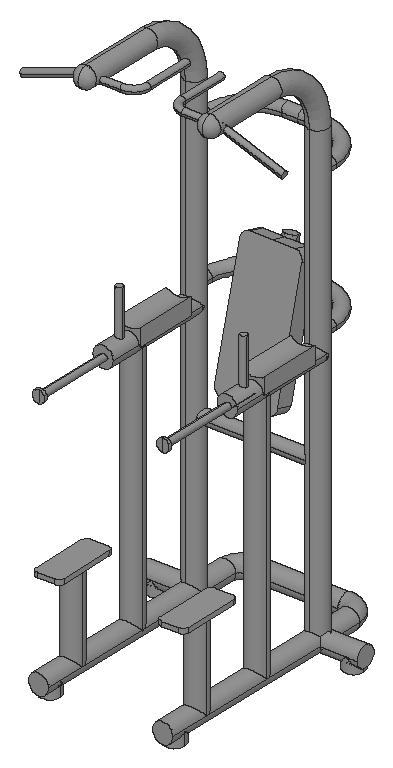
Revit family "Скамья для подтягиваний, отжиманий и подъема ног", category Оборудование, Revit 2017
Family settings
  Размер круглого соединителя = Использовать диаметр
  Тип детали = Нормальный
  На основе рабочей плоскости = Нет
  Всегда вертикально = Да
  При загрузке вырезать с полостями = Нет
  Общий = Нет
  Точка расчета площади = Нет
Parameters (values of type "1178х1160х2423")
  Ширина = 1178.0 mm
  Примечание = ""
  Позиция = ""
  Обозначение = "PA12"
  Наименование = "Скамья для подтягиваний, отжиманий и подъема ног"
  Масса = "125"
  Код оборудования = ""
  Keynote = ""
  Изготовитель = "Severin"
  Завод = "Technogym"
  Единицы = "шт."
  Группа модели = "ТХ"
  Глубина = 1160.0 mm
  Высота = 2423.0 mm
Reference planes
  plane 1 "По центру (Вперед/Назад)": y = 0
  plane 2: z = 0
  plane 3 "По центру (Влево/Вправо)": x = 0
  plane 4: x = -589
  plane 5: x = 589
  plane 6: y = 580
  plane 7: y = -580
  plane 8: z = 2423
  plane 9: z = 1211.5
Forms (mm)
  Extrusion 1, solid, material "GKS_Mep_Сталь_3262-75", detail levels medium+fine
    sketch origin (59.897, 270.381, 0) x (1, 0, 0) y (0, 1, 0)
      loop
        circle (-337.022, -660) r 45
    from 65 to 460
  Extrusion 2, solid, material "GKS_Mep_Сталь_3262-75", detail levels medium+fine
    sketch origin (-59.897, 270.381, 0) x (-1, 0, 0) y (0, -1, 0)
      loop
        circle (-337.022, 660) r 45
    from 65 to 460
  Sweep 3, solid, material "GKS_Mep_Сталь_3262-75"
    path origin (59.897, 0, 0) x (1, 0, 0) y (0, 1, 0)
      loop
        line (-382.022, -580) -> (-382.022, 460)
        arc (-382.022, 460) -> (-346.875, 544.853) -> (-262.022, 580) r 120
        line (-262.022, 580) -> (142.229, 580)
        arc (142.229, 580) -> (227.081, 544.853) -> (262.229, 460) r 120
        line (262.229, 460) -> (262.229, -580)
    profile origin (-322.125, -60, 0) x (-1, 0, 0) y (0, 0, 1)
      loop
        circle (-45, 65) r 45
  Sweep 4, solid, material "GKS_Mep_Сталь_3262-75"
    path origin (59.897, -15, 65) x (0, 1, 0) y (0, 0, 1)
      loop
        line (300, 0) -> (300, 2053)
        arc (300, 2053) -> (223.848, 2236.848) -> (40, 2313) r 260
        line (40, 2313) -> (-300, 2313)
    profile origin (59.897, 285, 1091.5) x (0, -1, 0) y (1, 0, 0)
      loop
        circle (0, -337.022) r 45
      loop
        circle (0, 217.229) r 45
  Extrusion 5, solid, material "GKS_Mep_Сталь_3262-75", detail levels medium+fine
    sketch origin (59.897, 605, 0) x (1, 0, 0) y (0, 1, 0)
      loop
        circle (-337.022, -660) r 45
    from 65 to 1214.5
  Extrusion 6, solid, material "GKS_Mep_Сталь_3262-75", detail levels medium+fine
    sketch origin (-59.897, 605, 0) x (-1, 0, 0) y (0, -1, 0)
      loop
        circle (-337.022, 660) r 45
    from 65 to 1214.5
  Extrusion 7, solid, material "GKS_Mep_Сталь_3262-75", detail levels medium+fine
    sketch origin (59.897, -15, 0) x (1, 0, 0) y (0, 0, 1)
      loop
        circle (-337.022, 1214.5) r 45
      loop
        circle (217.229, 1214.5) r 45
    from -300 to 204.619
  Sweep 8, solid, material "GKS_Mep_Сталь_3262-75"
    path origin (59.897, -15, 0) x (1, 0, 0) y (0, 1, 0)
      loop
        line (-337.022, 300) -> (-337.022, 363.324)
        arc (-337.022, 363.324) -> (-277.821, 506.248) -> (-134.897, 565.449) r 202.125
        line (-134.897, 565.449) -> (-59.897, 565.449) -> (15.103, 565.449)
        arc (15.103, 565.449) -> (158.027, 506.248) -> (217.229, 363.324) r 202.125
        line (217.229, 363.324) -> (217.229, 300)
    profile origin (-277.125, 316.662, 0) x (-1, 0, 0) y (0, 0, 1)
      loop
        circle (0, 1938.787) r 30
  Sweep 9, solid, material "GKS_Mep_Сталь_3262-75"
    path origin (-2506.125, 15, 2030.978) x (1, 0, 0) y (0, 1, 0)
      loop
        line (2229, -300) -> (2369, -300)
        arc (2369, -300) -> (2411.426, -282.426) -> (2429, -240) r 60
        line (2429, -240) -> (2429, -20)
    profile origin (-207.125, -285, 2030.978) x (0, 1, 0) y (0, 0, 1)
      loop
        circle (0, 337.022) r 15
  Extrusion 10, solid, material "GKS_Mep_Сталь_3262-75"
    sketch origin (762.52, 15, 377.709) x (0, 1, 0) y (-0.323341, 0, 0.946283)
      loop
        circle (-300, 2229) r 15
    from -660.528 to -337.022
  Revolve 11, solid, material "GKS_Mep_Сталь_3262-75"
    sketch origin (277.125, -15, 149) x (0, 1, 0) y (0, 0, 1)
      loop
        arc (-300, 2274) -> (-331.82, 2260.82) -> (-345, 2229) r 45
        line (-345, 2229) -> (-300, 2229) -> (-300, 2274)
      axis (-300, 2229) -> (-345, 2229)
    angle from 0 to 360
  Revolve 12, solid, material "GKS_Mep_Сталь_3262-75"
    sketch origin (-277.125, -15, 149) x (0, 1, 0) y (0, 0, 1)
      loop
        arc (-300, 2274) -> (-331.82, 2260.82) -> (-345, 2229) r 45
        line (-345, 2229) -> (-300, 2229) -> (-300, 2274)
      axis (-300, 2229) -> (-345, 2229)
    angle from 0 to 360
  Extrusion 13, solid, material "GKS_Mep_Сталь_3262-75"
    sketch origin (-762.52, 15, 377.709) x (0, 1, 0) y (-0.323341, 0, -0.946283)
      loop
        circle (-300, -2229) r 15
    from -660.528 to -337.022
  Sweep 14, solid, material "GKS_Mep_Сталь_3262-75"
    path origin (2506.125, 15, 2030.978) x (1, 0, 0) y (0, 1, 0)
      loop
        line (-2229, -300) -> (-2369, -300)
        arc (-2369, -300) -> (-2411.426, -282.426) -> (-2429, -240) r 60
        line (-2429, -240) -> (-2429, -20)
    profile origin (207.125, -285, 2030.978) x (0, -1, 0) y (0, 0, 1)
      loop
        circle (0, 337.022) r 15
  Extrusion 15, solid, material "GKS_Mep_Сталь_3262-75"
    sketch origin (0, 0, 0) x (0, 1, 0) y (0, 0, 1)
      loop
        circle (285, 65) r 45
    from -488.603 to -277.125
  Extrusion 16, solid, material "GKS_Mep_Сталь_3262-75"
    sketch origin (0, 0, 0) x (0, 1, 0) y (0, 0, -1)
      loop
        circle (285, -65) r 45
    from -488.603 to -277.125
  Extrusion 17, solid, material "GKS_Mep_Сталь_3262-75", detail levels medium+fine
    sketch origin (773.125, 945, 0) x (1, 0, 0) y (0, 1, 0)
      loop
        circle (-337.022, -660) r 45
    from 0 to 65
  Extrusion 18, solid, material "GKS_Mep_Сталь_3262-75", detail levels medium+fine
    sketch origin (-773.125, 945, 0) x (-1, 0, 0) y (0, -1, 0)
      loop
        circle (-337.022, 660) r 45
    from 0 to 65
  Extrusion 19, solid, material "GKS_Mep_Сталь_3262-75", detail levels medium+fine
    sketch origin (-614.147, 145, 0) x (-1, 0, 0) y (0, -1, 0)
      loop
        circle (-337.022, 660) r 45
    from 0 to 65
  Extrusion 20, solid, material "GKS_Mep_Сталь_3262-75", detail levels medium+fine
    sketch origin (614.147, 145, 0) x (1, 0, 0) y (0, 1, 0)
      loop
        circle (-337.022, -660) r 45
    from 0 to 65
  Extrusion 21, solid, material "GKS_Mep_Сталь_3262-75"
    sketch origin (310.103, 190.812, 265.043) x (1, 0, 0) y (0, 1, 0)
      loop
        arc (-624.729, -430.43) -> (-642.406, -437.753) -> (-649.729, -455.43) r 25
        line (-649.729, -455.43) -> (-649.729, -705.43)
        arc (-649.729, -705.43) -> (-642.406, -723.108) -> (-624.729, -730.43) r 25
        line (-624.729, -730.43) -> (-549.729, -730.43)
        arc (-549.729, -730.43) -> (-532.051, -723.108) -> (-524.729, -705.43) r 25
        line (-524.729, -705.43) -> (-524.729, -455.43)
        arc (-524.729, -455.43) -> (-532.051, -437.753) -> (-549.729, -430.43) r 25
        line (-549.729, -430.43) -> (-624.729, -430.43)
    from 215 to 194.957
  Extrusion 22, solid, material "GKS_Mep_Сталь_3262-75"
    sketch origin (-310.103, 190.812, 265.043) x (-1, 0, 0) y (0, -1, 0)
      loop
        line (-624.729, 430.43) -> (-549.729, 430.43)
        arc (-549.729, 430.43) -> (-532.051, 437.753) -> (-524.729, 455.43) r 25
        line (-524.729, 455.43) -> (-524.729, 705.43)
        arc (-524.729, 705.43) -> (-532.051, 723.108) -> (-549.729, 730.43) r 25
        line (-549.729, 730.43) -> (-624.729, 730.43)
        arc (-624.729, 730.43) -> (-642.406, 723.108) -> (-649.729, 705.43) r 25
        line (-649.729, 705.43) -> (-649.729, 455.43)
        arc (-649.729, 455.43) -> (-642.406, 437.753) -> (-624.729, 430.43) r 25
    from 215 to 194.957
  Revolve 23, solid, material "GKS_Mep_Сталь_3262-75"
    sketch origin (-277.125, 58.342, 0) x (0, 1, 0) y (0, 0, 1)
      loop
        line (-138.342, 1229.5) -> (-622.983, 1229.5) -> (-626.365, 1242.125) -> (-638.342, 1242.125) -> (-638.342, 1214.5) -> (-138.342, 1214.5) -> (-138.342, 1229.5)
      axis (-138.342, 1214.5) -> (-638.342, 1214.5)
    angle from 0 to 360
  Revolve 24, solid, material "GKS_Mep_Сталь_3262-75"
    sketch origin (277.125, 58.342, 0) x (0, 1, 0) y (0, 0, -1)
      loop
        line (-138.342, -1229.5) -> (-138.342, -1214.5) -> (-638.342, -1214.5) -> (-638.342, -1242.125) -> (-626.365, -1242.125) -> (-622.983, -1229.5) -> (-138.342, -1229.5)
      axis (-138.342, -1214.5) -> (-638.342, -1214.5)
    angle from 0 to 360
  Extrusion 25, solid, material "GKS_Mep_Сталь_3262-75", detail levels medium+fine
    sketch origin (0, 410, 0) x (1, 0, 0) y (0, 1, 0)
      loop
        circle (-277.125, -540.524) r 15
    from 1211.5 to 1459.626
  Extrusion 26, solid, material "GKS_Mep_Сталь_3262-75", detail levels medium+fine
    sketch origin (0, 410, 0) x (-1, 0, 0) y (0, -1, 0)
      loop
        circle (-277.125, 540.524) r 15
    from 1211.5 to 1459.626
  Extrusion 27, solid, material "GKS_Mep_Сталь_3262-75"
    sketch origin (0, 0, -440) x (0, 1, 0) y (0, 0, 1)
      loop
        circle (285, 1214.5) r 30
    from -277.125 to 277.125
  Extrusion 28, solid, material "GKS_Mep_Сталь_3262-75"
    sketch origin (0, -99.289, 58.779) x (1, 0, 0) y (0, 0.251525, 0.967851)
      loop
        line (0, 911.5) -> (100, 911.5)
        arc (100, 911.5) -> (128.284, 923.216) -> (140, 951.5) r 40
        line (140, 951.5) -> (140, 1491.5)
        arc (140, 1491.5) -> (128.284, 1519.784) -> (100, 1531.5) r 40
        line (100, 1531.5) -> (0, 1531.5) -> (-100, 1531.5)
        arc (-100, 1531.5) -> (-128.284, 1519.784) -> (-140, 1491.5) r 40
        line (-140, 1491.5) -> (-140, 951.5)
        arc (-140, 951.5) -> (-128.284, 923.216) -> (-100, 911.5) r 40
        line (-100, 911.5) -> (0, 911.5)
    from -167.598 to -95.704
  Sweep 29, solid, material "GKS_Mep_Сталь_3262-75", detail levels medium+fine
    path origin (59.897, -15, -649.287) x (1, 0, 0) y (0, 1, 0)
      loop
        line (-337.022, 300) -> (-337.022, 363.324)
        arc (-337.022, 363.324) -> (-277.821, 506.248) -> (-134.897, 565.449) r 202.125
        line (-134.897, 565.449) -> (-59.897, 565.449) -> (15.103, 565.449)
        arc (15.103, 565.449) -> (158.027, 506.248) -> (217.229, 363.324) r 202.125
        line (217.229, 363.324) -> (217.229, 300)
    profile origin (-277.125, 316.662, -649.287) x (-1, 0, 0) y (0, 0, 1)
      loop
        circle (0, 1938.787) r 30
  Extrusion 30, solid, material "GKS_Mep_Сталь_3262-75", detail levels medium+fine
    sketch origin (0, -349.558, 18.539) x (1, 0, 0) y (0, 0.965926, -0.258819)
      loop
        circle (0, 417.279) r 30
    from 894.438 to 1648.061
  Extrusion 31, solid, material "GKS_Mep_Сталь_3262-75", detail levels medium+fine
    sketch origin (0, 0, 0) x (1, 0, 0) y (0, 0, 1)
      loop
        line (-232.125, 1214.5) -> (-222.125, 1214.5) -> (-222.125, 1289.5)
        arc (-222.125, 1289.5) -> (-277.125, 1271.031) -> (-332.125, 1289.5) r 91.129
        line (-332.125, 1289.5) -> (-332.125, 1214.5) -> (-322.125, 1214.5)
        arc (-322.125, 1214.5) -> (-277.125, 1259.5) -> (-232.125, 1214.5) r 45
    from -200.08 to 80
  Extrusion 32, solid, material "GKS_Mep_Сталь_3262-75", detail levels medium+fine
    sketch origin (0, 0, 0) x (-1, 0, 0) y (0, 0, -1)
      loop
        arc (-232.125, -1214.5) -> (-277.125, -1259.5) -> (-322.125, -1214.5) r 45
        line (-322.125, -1214.5) -> (-332.125, -1214.5) -> (-332.125, -1289.5)
        arc (-332.125, -1289.5) -> (-277.125, -1271.031) -> (-222.125, -1289.5) r 91.129
        line (-222.125, -1289.5) -> (-222.125, -1214.5) -> (-232.125, -1214.5)
    from -200.08 to 80
Cuts and joins
  joined: Sweep 4, Revolve 11, Revolve 12
Lines and regions (mm)
  symbolic lines, detail levels medium
    curve 1: line (589, -580, 0) -> (-589, -580, 0)
    curve 2: line (589, 580, 0) -> (589, -580, 0)
    curve 3: line (-589, 580, 0) -> (589, 580, 0)
    curve 4: line (-589, -580, 0) -> (-589, 580, 0)
    curve 5: line (-13.163, -580, 0) -> (0, 18.799, 0)
    curve 6: line (13.163, -580, 0) -> (0, 18.799, 0)
  model lines, detail levels coarse+medium
    curve 7: line (0, 315, 774.5) -> (0, 255, 774.5)
Dimensions and locks
  equal spacing: plane 4, plane 3 "По центру (Влево/Вправо)", plane 5
  "Ширина": plane 4 to plane 5
  equal spacing: plane 6, plane 1 "По центру (Вперед/Назад)", plane 7
  "Глубина": plane 6 to plane 7
  equal spacing: plane 8, plane 9, level
  "Высота": plane 8 to level
  Sweep 8 sketch curve to Sweep 8 sketch curve = 75.0 mm
  Sweep 29 sketch curve to Sweep 29 sketch curve = 75.0 mm
  radius of Extrusion 30 sketch curve = 30.0 mm
  aligned and locked: level to plane 2
Automatic sketch dimensions
  curve 7 to plane 1 "По центру (Вперед/Назад)" = 255.0 mm
  curve 7 to plane 9 = 437.0 mm
  curve 7 to curve 7 = 60.0 mm
  curve 1 to plane 4 = 0.0 mm
  curve 5 to plane 7 = 0.0 mm
  curve 5 to plane 3 "По центру (Влево/Вправо)" = 0.0 mm
  curve 2 to plane 5 = 0.0 mm
  curve 3 to plane 6 = 0.0 mm
  curve 5 to plane 1 "По центру (Вперед/Назад)" = 18.799 mm
  curve 5 to plane 3 "По центру (Влево/Вправо)" = 13.163 mm
  plane 3 "По центру (Влево/Вправо)" to curve 6 = 13.163 mm
  Extrusion 1 sketch curve to plane 3 "По центру (Влево/Вправо)" = 277.125 mm
  plane 7 to Extrusion 1 sketch curve = 190.381 mm
  Extrusion 2 sketch curve to plane 3 "По центру (Влево/Вправо)" = 277.125 mm
  Extrusion 2 sketch curve to plane 7 = 190.381 mm
  Sweep 3 sketch curve to plane 7 = 0.0 mm  (x2)
  Sweep 3 sketch curve to plane 6 = 0.0 mm
  Sweep 3 sketch curve to plane 6 = 120.0 mm  (x2)
  plane 4 to Sweep 3 sketch curve = 266.875 mm
  plane 3 "По центру (Влево/Вправо)" to Sweep 3 sketch curve = 202.125 mm
  profile plane to Sweep 3 sketch curve = 45.0 mm
  profile plane to Sweep 3 sketch curve = 65.0 mm
  Sweep 4 sketch curve to plane 1 "По центру (Вперед/Назад)" = 25.0 mm
  Sweep 4 sketch curve to Sweep 4 sketch curve = 260.0 mm
  Sweep 4 sketch curve to plane 8 = 305.0 mm
  plane 7 to Sweep 4 sketch curve = 265.0 mm
  level to Sweep 4 sketch curve = 65.0 mm
  Sweep 4 sketch curve to profile plane = 0.0 mm  (x2)
  Sweep 4 sketch curve to profile plane = 337.022 mm
  profile plane to Sweep 4 sketch curve = 217.229 mm
  plane 1 "По центру (Вперед/Назад)" to Extrusion 5 sketch curve = 55.0 mm
  Extrusion 5 sketch curve to plane 3 "По центру (Влево/Вправо)" = 277.125 mm
  Extrusion 6 sketch curve to plane 1 "По центру (Вперед/Назад)" = 55.0 mm
  Extrusion 6 sketch curve to plane 3 "По центру (Влево/Вправо)" = 277.125 mm
  plane 9 to Extrusion 7 sketch curve = 3.0 mm  (x2)
  Extrusion 7 sketch curve to plane 3 "По центру (Влево/Вправо)" = 277.125 mm
  plane 3 "По центру (Влево/Вправо)" to Extrusion 7 sketch curve = 277.125 mm
  Sweep 8 sketch curve to plane 3 "По центру (Влево/Вправо)" = 0.0 mm
  Sweep 8 sketch curve to Sweep 8 sketch curve = 202.125 mm  (x2)
  plane 3 "По центру (Влево/Вправо)" to Sweep 8 sketch curve = 75.0 mm
  Sweep 8 sketch curve to plane 6 = 231.676 mm
  Sweep 8 sketch curve to Sweep 8 sketch curve = 63.324 mm  (x2)
  Sweep 8 sketch curve to Sweep 8 sketch curve = 0.0 mm  (x2)
  Sweep 8 sketch curve to profile plane = 0.0 mm
  profile plane to Sweep 8 sketch curve = 1938.787 mm
  Sweep 8 sketch curve to Sweep 8 sketch curve = 30.0 mm
  Sweep 9 sketch curve to plane 3 "По центру (Влево/Вправо)" = 137.125 mm
  Sweep 9 sketch curve to Sweep 9 sketch curve = 60.0 mm
  plane 1 "По центру (Вперед/Назад)" to Sweep 9 sketch curve = 285.0 mm
  Sweep 9 sketch curve to Sweep 9 sketch curve = 140.0 mm
  plane 1 "По центру (Вперед/Назад)" to Sweep 9 sketch curve = 5.0 mm
  Sweep 9 sketch curve to profile plane = 0.0 mm
  profile plane to Sweep 9 sketch curve = 337.022 mm
  plane 1 "По центру (Вперед/Назад)" to Extrusion 10 sketch curve = 285.0 mm
  Revolve 11 sketch curve to plane 8 = 0.0 mm
  Revolve 11 sketch curve to plane 8 = 45.0 mm
  plane 7 to Revolve 11 sketch curve = 220.0 mm
  Revolve 11 sketch curve to Revolve 11 sketch curve = 20.0 mm
  Revolve 11 sketch curve to Revolve 11 sketch curve = 0.0 mm  (x2)
  Revolve 12 sketch curve to plane 8 = 0.0 mm
  Revolve 12 sketch curve to plane 8 = 45.0 mm
  plane 7 to Revolve 12 sketch curve = 220.0 mm
  Revolve 12 sketch curve to Revolve 12 sketch curve = 20.0 mm
  Revolve 12 sketch curve to Revolve 12 sketch curve = 0.0 mm  (x2)
  plane 1 "По центру (Вперед/Назад)" to Extrusion 13 sketch curve = 285.0 mm
  plane 3 "По центру (Влево/Вправо)" to Sweep 14 sketch curve = 77.125 mm
  Sweep 14 sketch curve to Sweep 14 sketch curve = 60.0 mm
  plane 1 "По центру (Вперед/Назад)" to Sweep 14 sketch curve = 285.0 mm
  Sweep 14 sketch curve to Sweep 14 sketch curve = 140.0 mm
  plane 1 "По центру (Вперед/Назад)" to Sweep 14 sketch curve = 5.0 mm
  Sweep 14 sketch curve to profile plane = 0.0 mm
  profile plane to Sweep 14 sketch curve = 337.022 mm
  level to Extrusion 15 sketch curve = 65.0 mm
  Extrusion 15 sketch curve to plane 1 "По центру (Вперед/Назад)" = 285.0 mm
  level to Extrusion 16 sketch curve = 65.0 mm
  Extrusion 16 sketch curve to plane 1 "По центру (Вперед/Назад)" = 285.0 mm
  Extrusion 17 sketch curve to plane 5 = 152.897 mm
  Extrusion 17 sketch curve to plane 1 "По центру (Вперед/Назад)" = 285.0 mm
  plane 4 to Extrusion 18 sketch curve = 152.897 mm
  Extrusion 18 sketch curve to plane 1 "По центру (Вперед/Назад)" = 285.0 mm
  plane 7 to Extrusion 19 sketch curve = 65.0 mm
  Extrusion 19 sketch curve to plane 3 "По центру (Влево/Вправо)" = 277.125 mm
  plane 7 to Extrusion 20 sketch curve = 65.0 mm
  plane 3 "По центру (Влево/Вправо)" to Extrusion 20 sketch curve = 277.125 mm
  plane 7 to Extrusion 21 sketch curve = 65.381 mm
  plane 4 to Extrusion 21 sketch curve = 249.375 mm
  Extrusion 21 sketch curve to Extrusion 21 sketch curve = 25.0 mm  (x3)
  Extrusion 21 sketch curve to Extrusion 21 sketch curve = 75.0 mm  (x2)
  Extrusion 21 sketch curve to Extrusion 21 sketch curve = 250.0 mm
  plane 7 to Extrusion 22 sketch curve = 65.381 mm
  Extrusion 22 sketch curve to plane 5 = 249.375 mm
  Extrusion 22 sketch curve to Extrusion 22 sketch curve = 25.0 mm  (x3)
  Extrusion 22 sketch curve to Extrusion 22 sketch curve = 75.0 mm  (x2)
  Extrusion 22 sketch curve to Extrusion 22 sketch curve = 250.0 mm
  Revolve 23 sketch curve to plane 7 = 0.0 mm  (x2)
  plane 7 to Revolve 23 sketch curve = 11.976 mm
  Revolve 23 sketch curve to Revolve 23 sketch curve = 3.383 mm
  plane 9 to Revolve 23 sketch curve = 3.0 mm
  plane 1 "По центру (Вперед/Назад)" to Revolve 23 sketch curve = 80.0 mm
  Revolve 23 sketch curve to Revolve 23 sketch curve = 15.0 mm
  Revolve 23 sketch curve to Revolve 23 sketch curve = 12.625 mm
  Revolve 23 sketch curve to Revolve 23 sketch curve = 0.0 mm  (x2)
  Revolve 24 sketch curve to plane 7 = 0.0 mm  (x2)
  Revolve 24 sketch curve to Revolve 24 sketch curve = 11.976 mm
  Revolve 24 sketch curve to Revolve 24 sketch curve = 3.383 mm
  plane 9 to Revolve 24 sketch curve = 3.0 mm
  plane 1 "По центру (Вперед/Назад)" to Revolve 24 sketch curve = 80.0 mm
  plane 9 to Revolve 24 sketch curve = 18.0 mm
  Revolve 24 sketch curve to Revolve 24 sketch curve = 12.625 mm
  Revolve 24 sketch curve to Revolve 24 sketch curve = 0.0 mm  (x2)
  plane 1 "По центру (Вперед/Назад)" to Extrusion 25 sketch curve = 130.524 mm
  Extrusion 25 sketch curve to plane 3 "По центру (Влево/Вправо)" = 277.125 mm
  Extrusion 26 sketch curve to plane 1 "По центру (Вперед/Назад)" = 130.524 mm
  Extrusion 26 sketch curve to plane 3 "По центру (Влево/Вправо)" = 277.125 mm
  Extrusion 27 sketch curve to plane 1 "По центру (Вперед/Назад)" = 285.0 mm
  Extrusion 27 sketch curve to plane 9 = 437.0 mm
  Extrusion 28 sketch curve to plane 3 "По центру (Влево/Вправо)" = 0.0 mm  (x2)
  Extrusion 28 sketch curve to plane 3 "По центру (Влево/Вправо)" = 100.0 mm  (x2)
  Extrusion 28 sketch curve to Extrusion 28 sketch curve = 40.0 mm  (x2)
  plane 3 "По центру (Влево/Вправо)" to Extrusion 28 sketch curve = 100.0 mm  (x2)
  Extrusion 28 sketch curve to Extrusion 28 sketch curve = 540.0 mm
  Sweep 29 sketch curve to plane 3 "По центру (Влево/Вправо)" = 0.0 mm
  Sweep 29 sketch curve to Sweep 29 sketch curve = 202.125 mm  (x2)
  plane 3 "По центру (Влево/Вправо)" to Sweep 29 sketch curve = 75.0 mm
  Sweep 29 sketch curve to plane 6 = 231.676 mm
  Sweep 29 sketch curve to Sweep 29 sketch curve = 63.324 mm  (x2)
  Sweep 29 sketch curve to Sweep 29 sketch curve = 0.0 mm  (x2)
  Sweep 29 sketch curve to profile plane = 0.0 mm
  profile plane to Sweep 29 sketch curve = 1938.787 mm
  Sweep 29 sketch curve to Sweep 29 sketch curve = 30.0 mm
  Extrusion 30 sketch curve to plane 3 "По центру (Влево/Вправо)" = 0.0 mm
  plane 9 to Extrusion 31 sketch curve = 78.0 mm
  plane 4 to Extrusion 31 sketch curve = 256.875 mm
  plane 9 to Extrusion 31 sketch curve = 3.0 mm
  Extrusion 31 sketch curve to Extrusion 31 sketch curve = 10.0 mm  (x2)
  Extrusion 31 sketch curve to Extrusion 31 sketch curve = 45.0 mm
  Extrusion 31 sketch curve to Extrusion 31 sketch curve = 55.0 mm
  Extrusion 31 sketch curve to Extrusion 31 sketch curve = 72.66 mm
  Extrusion 32 sketch curve to plane 9 = 78.0 mm
  plane 5 to Extrusion 32 sketch curve = 256.875 mm
  Extrusion 32 sketch curve to plane 9 = 3.0 mm
  Extrusion 32 sketch curve to Extrusion 32 sketch curve = 10.0 mm  (x2)
  Extrusion 32 sketch curve to Extrusion 32 sketch curve = 45.0 mm
  Extrusion 32 sketch curve to Extrusion 32 sketch curve = 55.0 mm
  Extrusion 32 sketch curve to Extrusion 32 sketch curve = 72.66 mm
  radius of Extrusion 1 sketch curve = 45.0 mm
  radius of Extrusion 2 sketch curve = 45.0 mm
  radius of Sweep 3 sketch curve = 45.0 mm
  radius of Sweep 4 sketch curve = 45.0 mm  (x2)
  radius of Extrusion 5 sketch curve = 45.0 mm
  radius of Extrusion 6 sketch curve = 45.0 mm
  radius of Extrusion 7 sketch curve = 45.0 mm  (x2)
  radius of Sweep 9 sketch curve = 15.0 mm
  radius of Extrusion 10 sketch curve = 15.0 mm
  radius of Extrusion 13 sketch curve = 15.0 mm
  radius of Sweep 14 sketch curve = 15.0 mm
  radius of Extrusion 15 sketch curve = 45.0 mm
  radius of Extrusion 16 sketch curve = 45.0 mm
  radius of Extrusion 17 sketch curve = 45.0 mm
  radius of Extrusion 18 sketch curve = 45.0 mm
  radius of Extrusion 19 sketch curve = 45.0 mm
  radius of Extrusion 20 sketch curve = 45.0 mm
  radius of Extrusion 25 sketch curve = 15.0 mm
  radius of Extrusion 26 sketch curve = 15.0 mm
  radius of Extrusion 27 sketch curve = 30.0 mm
